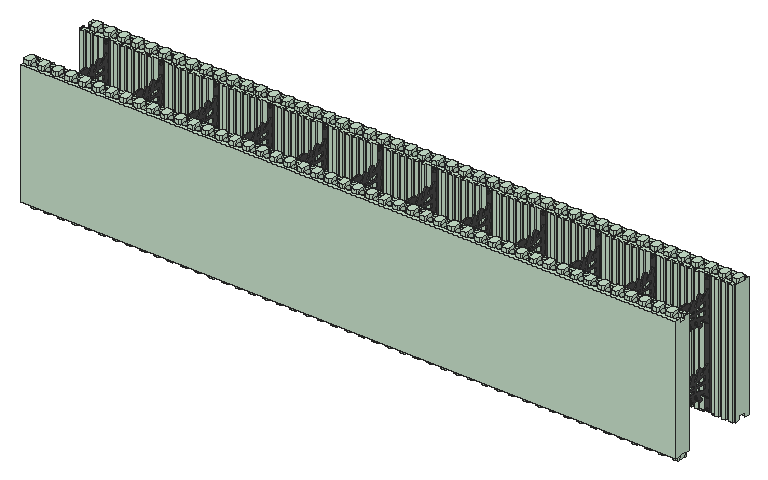
Revit family (continued)
Forms (in)
  Extrusion 156, void
    sketch origin (74, 0, 0) x (1, 0, 0) y (0, 1, 0)
      loop
        arc (1, 3.97692) -> (1.04785, 3.82983) -> (1.17308, 3.73905) r 0.25
        arc (1.17308, 3.73905) -> (1.42092, 3.69045) -> (1.67323, 3.70172) r 1.0625
        arc (1.67323, 3.70172) -> (1.72385, 3.68771) -> (1.74592, 3.64005) r 0.0625
        line (1.74592, 3.64005) -> (1.74592, 3.41845) -> (1.91675, 3.41845) -> (1.91675, 3.76455)
        arc (1.91675, 3.76455) -> (1.92106, 3.78736) -> (1.9334, 3.80702) r 0.0625
        arc (1.9334, 3.80702) -> (1.98276, 3.88568) -> (2, 3.97692) r 0.25
        line (2, 3.97692) -> (2, 4.89808)
        arc (2, 4.89808) -> (1.95215, 5.04517) -> (1.82692, 5.13595) r 0.25
        arc (1.82692, 5.13595) -> (1.5, 5.1875) -> (1.17308, 5.13595) r 1.0625
        arc (1.17308, 5.13595) -> (1.04785, 5.04517) -> (1, 4.89808) r 0.25
    from 0 to 0.5
  Extrusion 157, void
    sketch origin (72, 0, 0) x (1, 0, 0) y (0, 1, 0)
      loop
        line (1, 4.89808) -> (1, 3.97692)
        arc (1, 3.97692) -> (1.04785, 3.82983) -> (1.17308, 3.73905) r 0.25
        arc (1.17308, 3.73905) -> (1.42092, 3.69045) -> (1.67323, 3.70172) r 1.0625
        arc (1.67323, 3.70172) -> (1.72385, 3.68771) -> (1.74592, 3.64005) r 0.0625
        line (1.74592, 3.64005) -> (1.74592, 3.41845) -> (1.91675, 3.41845) -> (1.91675, 3.76455)
        arc (1.91675, 3.76455) -> (1.92106, 3.78736) -> (1.9334, 3.80702) r 0.0625
        arc (1.9334, 3.80702) -> (1.98276, 3.88568) -> (2, 3.97692) r 0.25
        line (2, 3.97692) -> (2, 4.89808)
        arc (2, 4.89808) -> (1.95215, 5.04517) -> (1.82692, 5.13595) r 0.25
        arc (1.82692, 5.13595) -> (1.5, 5.1875) -> (1.17308, 5.13595) r 1.0625
        arc (1.17308, 5.13595) -> (1.04785, 5.04517) -> (1, 4.89808) r 0.25
    from 0 to 0.5
  Extrusion 158, void
    sketch origin (70, 0, 0) x (1, 0, 0) y (0, 1, 0)
      loop
        line (1, 4.89808) -> (1, 3.97692)
        arc (1, 3.97692) -> (1.04785, 3.82983) -> (1.17308, 3.73905) r 0.25
        arc (1.17308, 3.73905) -> (1.42092, 3.69045) -> (1.67323, 3.70172) r 1.0625
        arc (1.67323, 3.70172) -> (1.72385, 3.68771) -> (1.74592, 3.64005) r 0.0625
        line (1.74592, 3.64005) -> (1.74592, 3.41845) -> (1.91675, 3.41845) -> (1.91675, 3.76455)
        arc (1.91675, 3.76455) -> (1.92106, 3.78736) -> (1.9334, 3.80702) r 0.0625
        arc (1.9334, 3.80702) -> (1.98276, 3.88568) -> (2, 3.97692) r 0.25
        line (2, 3.97692) -> (2, 4.89808)
        arc (2, 4.89808) -> (1.95215, 5.04517) -> (1.82692, 5.13595) r 0.25
        arc (1.82692, 5.13595) -> (1.5, 5.1875) -> (1.17308, 5.13595) r 1.0625
        arc (1.17308, 5.13595) -> (1.04785, 5.04517) -> (1, 4.89808) r 0.25
    from 0 to 0.5
  Extrusion 159, void
    sketch origin (68, 0, 0) x (1, 0, 0) y (0, 1, 0)
      loop
        line (1, 4.89808) -> (1, 3.97692)
        arc (1, 3.97692) -> (1.04785, 3.82983) -> (1.17308, 3.73905) r 0.25
        arc (1.17308, 3.73905) -> (1.42092, 3.69045) -> (1.67323, 3.70172) r 1.0625
        arc (1.67323, 3.70172) -> (1.72385, 3.68771) -> (1.74592, 3.64005) r 0.0625
        line (1.74592, 3.64005) -> (1.74592, 3.41845) -> (1.91675, 3.41845) -> (1.91675, 3.76455)
        arc (1.91675, 3.76455) -> (1.92106, 3.78736) -> (1.9334, 3.80702) r 0.0625
        arc (1.9334, 3.80702) -> (1.98276, 3.88568) -> (2, 3.97692) r 0.25
        line (2, 3.97692) -> (2, 4.89808)
        arc (2, 4.89808) -> (1.95215, 5.04517) -> (1.82692, 5.13595) r 0.25
        arc (1.82692, 5.13595) -> (1.5, 5.1875) -> (1.17308, 5.13595) r 1.0625
        arc (1.17308, 5.13595) -> (1.04785, 5.04517) -> (1, 4.89808) r 0.25
    from 0 to 0.5
  Extrusion 160, void
    sketch origin (66, 0, 0) x (1, 0, 0) y (0, 1, 0)
      loop
        line (1, 4.89808) -> (1, 3.97692)
        arc (1, 3.97692) -> (1.04785, 3.82983) -> (1.17308, 3.73905) r 0.25
        arc (1.17308, 3.73905) -> (1.42092, 3.69045) -> (1.67323, 3.70172) r 1.0625
        arc (1.67323, 3.70172) -> (1.72385, 3.68771) -> (1.74592, 3.64005) r 0.0625
        line (1.74592, 3.64005) -> (1.74592, 3.41845) -> (1.91675, 3.41845) -> (1.91675, 3.76455)
        arc (1.91675, 3.76455) -> (1.92106, 3.78736) -> (1.9334, 3.80702) r 0.0625
        arc (1.9334, 3.80702) -> (1.98276, 3.88568) -> (2, 3.97692) r 0.25
        line (2, 3.97692) -> (2, 4.89808)
        arc (2, 4.89808) -> (1.95215, 5.04517) -> (1.82692, 5.13595) r 0.25
        arc (1.82692, 5.13595) -> (1.5, 5.1875) -> (1.17308, 5.13595) r 1.0625
        arc (1.17308, 5.13595) -> (1.04785, 5.04517) -> (1, 4.89808) r 0.25
    from 0 to 0.5
  Extrusion 161, void
    sketch origin (64, 0, 0) x (1, 0, 0) y (0, 1, 0)
      loop
        line (1, 4.89808) -> (1, 3.97692)
        arc (1, 3.97692) -> (1.04785, 3.82983) -> (1.17308, 3.73905) r 0.25
        arc (1.17308, 3.73905) -> (1.42092, 3.69045) -> (1.67323, 3.70172) r 1.0625
        arc (1.67323, 3.70172) -> (1.72385, 3.68771) -> (1.74592, 3.64005) r 0.0625
        line (1.74592, 3.64005) -> (1.74592, 3.41845) -> (1.91675, 3.41845) -> (1.91675, 3.76455)
        arc (1.91675, 3.76455) -> (1.92106, 3.78736) -> (1.9334, 3.80702) r 0.0625
        arc (1.9334, 3.80702) -> (1.98276, 3.88568) -> (2, 3.97692) r 0.25
        line (2, 3.97692) -> (2, 4.89808)
        arc (2, 4.89808) -> (1.95215, 5.04517) -> (1.82692, 5.13595) r 0.25
        arc (1.82692, 5.13595) -> (1.5, 5.1875) -> (1.17308, 5.13595) r 1.0625
        arc (1.17308, 5.13595) -> (1.04785, 5.04517) -> (1, 4.89808) r 0.25
    from 0 to 0.5
  Extrusion 162, void
    sketch origin (62, 0, 0) x (1, 0, 0) y (0, 1, 0)
      loop
        line (1, 4.89808) -> (1, 3.97692)
        arc (1, 3.97692) -> (1.04785, 3.82983) -> (1.17308, 3.73905) r 0.25
        arc (1.17308, 3.73905) -> (1.42092, 3.69045) -> (1.67323, 3.70172) r 1.0625
        arc (1.67323, 3.70172) -> (1.72385, 3.68771) -> (1.74592, 3.64005) r 0.0625
        line (1.74592, 3.64005) -> (1.74592, 3.41845) -> (1.91675, 3.41845) -> (1.91675, 3.76455)
        arc (1.91675, 3.76455) -> (1.92106, 3.78736) -> (1.9334, 3.80702) r 0.0625
        arc (1.9334, 3.80702) -> (1.98276, 3.88568) -> (2, 3.97692) r 0.25
        line (2, 3.97692) -> (2, 4.89808)
        arc (2, 4.89808) -> (1.95215, 5.04517) -> (1.82692, 5.13595) r 0.25
        arc (1.82692, 5.13595) -> (1.5, 5.1875) -> (1.17308, 5.13595) r 1.0625
        arc (1.17308, 5.13595) -> (1.04785, 5.04517) -> (1, 4.89808) r 0.25
    from 0 to 0.5
  Extrusion 163, void
    sketch origin (60, 0, 0) x (1, 0, 0) y (0, 1, 0)
      loop
        line (1, 4.89808) -> (1, 3.97692)
        arc (1, 3.97692) -> (1.04785, 3.82983) -> (1.17308, 3.73905) r 0.25
        arc (1.17308, 3.73905) -> (1.42092, 3.69045) -> (1.67323, 3.70172) r 1.0625
        arc (1.67323, 3.70172) -> (1.72385, 3.68771) -> (1.74592, 3.64005) r 0.0625
        line (1.74592, 3.64005) -> (1.74592, 3.41845) -> (1.91675, 3.41845) -> (1.91675, 3.76455)
        arc (1.91675, 3.76455) -> (1.92106, 3.78736) -> (1.9334, 3.80702) r 0.0625
        arc (1.9334, 3.80702) -> (1.98276, 3.88568) -> (2, 3.97692) r 0.25
        line (2, 3.97692) -> (2, 4.89808)
        arc (2, 4.89808) -> (1.95215, 5.04517) -> (1.82692, 5.13595) r 0.25
        arc (1.82692, 5.13595) -> (1.5, 5.1875) -> (1.17308, 5.13595) r 1.0625
        arc (1.17308, 5.13595) -> (1.04785, 5.04517) -> (1, 4.89808) r 0.25
    from 0 to 0.5
  Extrusion 164, void
    sketch origin (58, 0, 0) x (1, 0, 0) y (0, 1, 0)
      loop
        line (1, 4.89808) -> (1, 3.97692)
        arc (1, 3.97692) -> (1.04785, 3.82983) -> (1.17308, 3.73905) r 0.25
        arc (1.17308, 3.73905) -> (1.42092, 3.69045) -> (1.67323, 3.70172) r 1.0625
        arc (1.67323, 3.70172) -> (1.72385, 3.68771) -> (1.74592, 3.64005) r 0.0625
        line (1.74592, 3.64005) -> (1.74592, 3.41845) -> (1.91675, 3.41845) -> (1.91675, 3.76455)
        arc (1.91675, 3.76455) -> (1.92106, 3.78736) -> (1.9334, 3.80702) r 0.0625
        arc (1.9334, 3.80702) -> (1.98276, 3.88568) -> (2, 3.97692) r 0.25
        line (2, 3.97692) -> (2, 4.89808)
        arc (2, 4.89808) -> (1.95215, 5.04517) -> (1.82692, 5.13595) r 0.25
        arc (1.82692, 5.13595) -> (1.5, 5.1875) -> (1.17308, 5.13595) r 1.0625
        arc (1.17308, 5.13595) -> (1.04785, 5.04517) -> (1, 4.89808) r 0.25
    from 0 to 0.5
  Extrusion 165, void
    sketch origin (56, 0, 0) x (1, 0, 0) y (0, 1, 0)
      loop
        line (1, 4.89808) -> (1, 3.97692)
        arc (1, 3.97692) -> (1.04785, 3.82983) -> (1.17308, 3.73905) r 0.25
        arc (1.17308, 3.73905) -> (1.42092, 3.69045) -> (1.67323, 3.70172) r 1.0625
        arc (1.67323, 3.70172) -> (1.72385, 3.68771) -> (1.74592, 3.64005) r 0.0625
        line (1.74592, 3.64005) -> (1.74592, 3.41845) -> (1.91675, 3.41845) -> (1.91675, 3.76455)
        arc (1.91675, 3.76455) -> (1.92106, 3.78736) -> (1.9334, 3.80702) r 0.0625
        arc (1.9334, 3.80702) -> (1.98276, 3.88568) -> (2, 3.97692) r 0.25
        line (2, 3.97692) -> (2, 4.89808)
        arc (2, 4.89808) -> (1.95215, 5.04517) -> (1.82692, 5.13595) r 0.25
        arc (1.82692, 5.13595) -> (1.5, 5.1875) -> (1.17308, 5.13595) r 1.0625
        arc (1.17308, 5.13595) -> (1.04785, 5.04517) -> (1, 4.89808) r 0.25
    from 0 to 0.5
  Extrusion 166, void
    sketch origin (54, 0, 0) x (1, 0, 0) y (0, 1, 0)
      loop
        line (1, 4.89808) -> (1, 3.97692)
        arc (1, 3.97692) -> (1.04785, 3.82983) -> (1.17308, 3.73905) r 0.25
        arc (1.17308, 3.73905) -> (1.42092, 3.69045) -> (1.67323, 3.70172) r 1.0625
        arc (1.67323, 3.70172) -> (1.72385, 3.68771) -> (1.74592, 3.64005) r 0.0625
        line (1.74592, 3.64005) -> (1.74592, 3.41845) -> (1.91675, 3.41845) -> (1.91675, 3.76455)
        arc (1.91675, 3.76455) -> (1.92106, 3.78736) -> (1.9334, 3.80702) r 0.0625
        arc (1.9334, 3.80702) -> (1.98276, 3.88568) -> (2, 3.97692) r 0.25
        line (2, 3.97692) -> (2, 4.89808)
        arc (2, 4.89808) -> (1.95215, 5.04517) -> (1.82692, 5.13595) r 0.25
        arc (1.82692, 5.13595) -> (1.5, 5.1875) -> (1.17308, 5.13595) r 1.0625
        arc (1.17308, 5.13595) -> (1.04785, 5.04517) -> (1, 4.89808) r 0.25
    from 0 to 0.5
  Extrusion 167, void
    sketch origin (52, 0, 0) x (1, 0, 0) y (0, 1, 0)
      loop
        line (1, 4.89808) -> (1, 3.97692)
        arc (1, 3.97692) -> (1.04785, 3.82983) -> (1.17308, 3.73905) r 0.25
        arc (1.17308, 3.73905) -> (1.42092, 3.69045) -> (1.67323, 3.70172) r 1.0625
        arc (1.67323, 3.70172) -> (1.72385, 3.68771) -> (1.74592, 3.64005) r 0.0625
        line (1.74592, 3.64005) -> (1.74592, 3.41845) -> (1.91675, 3.41845) -> (1.91675, 3.76455)
        arc (1.91675, 3.76455) -> (1.92106, 3.78736) -> (1.9334, 3.80702) r 0.0625
        arc (1.9334, 3.80702) -> (1.98276, 3.88568) -> (2, 3.97692) r 0.25
        line (2, 3.97692) -> (2, 4.89808)
        arc (2, 4.89808) -> (1.95215, 5.04517) -> (1.82692, 5.13595) r 0.25
        arc (1.82692, 5.13595) -> (1.5, 5.1875) -> (1.17308, 5.13595) r 1.0625
        arc (1.17308, 5.13595) -> (1.04785, 5.04517) -> (1, 4.89808) r 0.25
    from 0 to 0.5
  Extrusion 168, void
    sketch origin (50, 0, 0) x (1, 0, 0) y (0, 1, 0)
      loop
        line (1, 4.89808) -> (1, 3.97692)
        arc (1, 3.97692) -> (1.04785, 3.82983) -> (1.17308, 3.73905) r 0.25
        arc (1.17308, 3.73905) -> (1.42092, 3.69045) -> (1.67323, 3.70172) r 1.0625
        arc (1.67323, 3.70172) -> (1.72385, 3.68771) -> (1.74592, 3.64005) r 0.0625
        line (1.74592, 3.64005) -> (1.74592, 3.41845) -> (1.91675, 3.41845) -> (1.91675, 3.76455)
        arc (1.91675, 3.76455) -> (1.92106, 3.78736) -> (1.9334, 3.80702) r 0.0625
        arc (1.9334, 3.80702) -> (1.98276, 3.88568) -> (2, 3.97692) r 0.25
        line (2, 3.97692) -> (2, 4.89808)
        arc (2, 4.89808) -> (1.95215, 5.04517) -> (1.82692, 5.13595) r 0.25
        arc (1.82692, 5.13595) -> (1.5, 5.1875) -> (1.17308, 5.13595) r 1.0625
        arc (1.17308, 5.13595) -> (1.04785, 5.04517) -> (1, 4.89808) r 0.25
    from 0 to 0.5
  Extrusion 169, void
    sketch origin (48, 0, 0) x (1, 0, 0) y (0, 1, 0)
      loop
        line (1, 4.89808) -> (1, 3.97692)
        arc (1, 3.97692) -> (1.04785, 3.82983) -> (1.17308, 3.73905) r 0.25
        arc (1.17308, 3.73905) -> (1.42092, 3.69045) -> (1.67323, 3.70172) r 1.0625
        arc (1.67323, 3.70172) -> (1.72385, 3.68771) -> (1.74592, 3.64005) r 0.0625
        line (1.74592, 3.64005) -> (1.74592, 3.41845) -> (1.91675, 3.41845) -> (1.91675, 3.76455)
        arc (1.91675, 3.76455) -> (1.92106, 3.78736) -> (1.9334, 3.80702) r 0.0625
        arc (1.9334, 3.80702) -> (1.98276, 3.88568) -> (2, 3.97692) r 0.25
        line (2, 3.97692) -> (2, 4.89808)
        arc (2, 4.89808) -> (1.95215, 5.04517) -> (1.82692, 5.13595) r 0.25
        arc (1.82692, 5.13595) -> (1.5, 5.1875) -> (1.17308, 5.13595) r 1.0625
        arc (1.17308, 5.13595) -> (1.04785, 5.04517) -> (1, 4.89808) r 0.25
    from 0 to 0.5
  Extrusion 170, void
    sketch origin (46, 0, 0) x (1, 0, 0) y (0, 1, 0)
      loop
        line (1, 4.89808) -> (1, 3.97692)
        arc (1, 3.97692) -> (1.04785, 3.82983) -> (1.17308, 3.73905) r 0.25
        arc (1.17308, 3.73905) -> (1.42092, 3.69045) -> (1.67323, 3.70172) r 1.0625
        arc (1.67323, 3.70172) -> (1.72385, 3.68771) -> (1.74592, 3.64005) r 0.0625
        line (1.74592, 3.64005) -> (1.74592, 3.41845) -> (1.91675, 3.41845) -> (1.91675, 3.76455)
        arc (1.91675, 3.76455) -> (1.92106, 3.78736) -> (1.9334, 3.80702) r 0.0625
        arc (1.9334, 3.80702) -> (1.98276, 3.88568) -> (2, 3.97692) r 0.25
        line (2, 3.97692) -> (2, 4.89808)
        arc (2, 4.89808) -> (1.95215, 5.04517) -> (1.82692, 5.13595) r 0.25
        arc (1.82692, 5.13595) -> (1.5, 5.1875) -> (1.17308, 5.13595) r 1.0625
        arc (1.17308, 5.13595) -> (1.04785, 5.04517) -> (1, 4.89808) r 0.25
    from 0 to 0.5
  Extrusion 171, void
    sketch origin (44, 0, 0) x (1, 0, 0) y (0, 1, 0)
      loop
        line (1, 4.89808) -> (1, 3.97692)
        arc (1, 3.97692) -> (1.04785, 3.82983) -> (1.17308, 3.73905) r 0.25
        arc (1.17308, 3.73905) -> (1.42092, 3.69045) -> (1.67323, 3.70172) r 1.0625
        arc (1.67323, 3.70172) -> (1.72385, 3.68771) -> (1.74592, 3.64005) r 0.0625
        line (1.74592, 3.64005) -> (1.74592, 3.41845) -> (1.91675, 3.41845) -> (1.91675, 3.76455)
        arc (1.91675, 3.76455) -> (1.92106, 3.78736) -> (1.9334, 3.80702) r 0.0625
        arc (1.9334, 3.80702) -> (1.98276, 3.88568) -> (2, 3.97692) r 0.25
        line (2, 3.97692) -> (2, 4.89808)
        arc (2, 4.89808) -> (1.95215, 5.04517) -> (1.82692, 5.13595) r 0.25
        arc (1.82692, 5.13595) -> (1.5, 5.1875) -> (1.17308, 5.13595) r 1.0625
        arc (1.17308, 5.13595) -> (1.04785, 5.04517) -> (1, 4.89808) r 0.25
    from 0 to 0.5
  Extrusion 172, void
    sketch origin (42, 0, 0) x (1, 0, 0) y (0, 1, 0)
      loop
        line (1, 4.89808) -> (1, 3.97692)
        arc (1, 3.97692) -> (1.04785, 3.82983) -> (1.17308, 3.73905) r 0.25
        arc (1.17308, 3.73905) -> (1.42092, 3.69045) -> (1.67323, 3.70172) r 1.0625
        arc (1.67323, 3.70172) -> (1.72385, 3.68771) -> (1.74592, 3.64005) r 0.0625
        line (1.74592, 3.64005) -> (1.74592, 3.41845) -> (1.91675, 3.41845) -> (1.91675, 3.76455)
        arc (1.91675, 3.76455) -> (1.92106, 3.78736) -> (1.9334, 3.80702) r 0.0625
        arc (1.9334, 3.80702) -> (1.98276, 3.88568) -> (2, 3.97692) r 0.25
        line (2, 3.97692) -> (2, 4.89808)
        arc (2, 4.89808) -> (1.95215, 5.04517) -> (1.82692, 5.13595) r 0.25
        arc (1.82692, 5.13595) -> (1.5, 5.1875) -> (1.17308, 5.13595) r 1.0625
        arc (1.17308, 5.13595) -> (1.04785, 5.04517) -> (1, 4.89808) r 0.25
    from 0 to 0.5
  Extrusion 173, void
    sketch origin (40, 0, 0) x (1, 0, 0) y (0, 1, 0)
      loop
        line (1, 4.89808) -> (1, 3.97692)
        arc (1, 3.97692) -> (1.04785, 3.82983) -> (1.17308, 3.73905) r 0.25
        arc (1.17308, 3.73905) -> (1.42092, 3.69045) -> (1.67323, 3.70172) r 1.0625
        arc (1.67323, 3.70172) -> (1.72385, 3.68771) -> (1.74592, 3.64005) r 0.0625
        line (1.74592, 3.64005) -> (1.74592, 3.41845) -> (1.91675, 3.41845) -> (1.91675, 3.76455)
        arc (1.91675, 3.76455) -> (1.92106, 3.78736) -> (1.9334, 3.80702) r 0.0625
        arc (1.9334, 3.80702) -> (1.98276, 3.88568) -> (2, 3.97692) r 0.25
        line (2, 3.97692) -> (2, 4.89808)
        arc (2, 4.89808) -> (1.95215, 5.04517) -> (1.82692, 5.13595) r 0.25
        arc (1.82692, 5.13595) -> (1.5, 5.1875) -> (1.17308, 5.13595) r 1.0625
        arc (1.17308, 5.13595) -> (1.04785, 5.04517) -> (1, 4.89808) r 0.25
    from 0 to 0.5
  Extrusion 174, void
    sketch origin (38, 0, 0) x (1, 0, 0) y (0, 1, 0)
      loop
        line (1, 4.89808) -> (1, 3.97692)
        arc (1, 3.97692) -> (1.04785, 3.82983) -> (1.17308, 3.73905) r 0.25
        arc (1.17308, 3.73905) -> (1.42092, 3.69045) -> (1.67323, 3.70172) r 1.0625
        arc (1.67323, 3.70172) -> (1.72385, 3.68771) -> (1.74592, 3.64005) r 0.0625
        line (1.74592, 3.64005) -> (1.74592, 3.41845) -> (1.91675, 3.41845) -> (1.91675, 3.76455)
        arc (1.91675, 3.76455) -> (1.92106, 3.78736) -> (1.9334, 3.80702) r 0.0625
        arc (1.9334, 3.80702) -> (1.98276, 3.88568) -> (2, 3.97692) r 0.25
        line (2, 3.97692) -> (2, 4.89808)
        arc (2, 4.89808) -> (1.95215, 5.04517) -> (1.82692, 5.13595) r 0.25
        arc (1.82692, 5.13595) -> (1.5, 5.1875) -> (1.17308, 5.13595) r 1.0625
        arc (1.17308, 5.13595) -> (1.04785, 5.04517) -> (1, 4.89808) r 0.25
    from 0 to 0.5
  Extrusion 175, void
    sketch origin (36, 0, 0) x (1, 0, 0) y (0, 1, 0)
      loop
        line (1, 4.89808) -> (1, 3.97692)
        arc (1, 3.97692) -> (1.04785, 3.82983) -> (1.17308, 3.73905) r 0.25
        arc (1.17308, 3.73905) -> (1.42092, 3.69045) -> (1.67323, 3.70172) r 1.0625
        arc (1.67323, 3.70172) -> (1.72385, 3.68771) -> (1.74592, 3.64005) r 0.0625
        line (1.74592, 3.64005) -> (1.74592, 3.41845) -> (1.91675, 3.41845) -> (1.91675, 3.76455)
        arc (1.91675, 3.76455) -> (1.92106, 3.78736) -> (1.9334, 3.80702) r 0.0625
        arc (1.9334, 3.80702) -> (1.98276, 3.88568) -> (2, 3.97692) r 0.25
        line (2, 3.97692) -> (2, 4.89808)
        arc (2, 4.89808) -> (1.95215, 5.04517) -> (1.82692, 5.13595) r 0.25
        arc (1.82692, 5.13595) -> (1.5, 5.1875) -> (1.17308, 5.13595) r 1.0625
        arc (1.17308, 5.13595) -> (1.04785, 5.04517) -> (1, 4.89808) r 0.25
    from 0 to 0.5
  Extrusion 176, void
    sketch origin (34, 0, 0) x (1, 0, 0) y (0, 1, 0)
      loop
        line (1, 4.89808) -> (1, 3.97692)
        arc (1, 3.97692) -> (1.04785, 3.82983) -> (1.17308, 3.73905) r 0.25
        arc (1.17308, 3.73905) -> (1.42092, 3.69045) -> (1.67323, 3.70172) r 1.0625
        arc (1.67323, 3.70172) -> (1.72385, 3.68771) -> (1.74592, 3.64005) r 0.0625
        line (1.74592, 3.64005) -> (1.74592, 3.41845) -> (1.91675, 3.41845) -> (1.91675, 3.76455)
        arc (1.91675, 3.76455) -> (1.92106, 3.78736) -> (1.9334, 3.80702) r 0.0625
        arc (1.9334, 3.80702) -> (1.98276, 3.88568) -> (2, 3.97692) r 0.25
        line (2, 3.97692) -> (2, 4.89808)
        arc (2, 4.89808) -> (1.95215, 5.04517) -> (1.82692, 5.13595) r 0.25
        arc (1.82692, 5.13595) -> (1.5, 5.1875) -> (1.17308, 5.13595) r 1.0625
        arc (1.17308, 5.13595) -> (1.04785, 5.04517) -> (1, 4.89808) r 0.25
    from 0 to 0.5
  Extrusion 177, void
    sketch origin (32, 0, 0) x (1, 0, 0) y (0, 1, 0)
      loop
        line (1, 4.89808) -> (1, 3.97692)
        arc (1, 3.97692) -> (1.04785, 3.82983) -> (1.17308, 3.73905) r 0.25
        arc (1.17308, 3.73905) -> (1.42092, 3.69045) -> (1.67323, 3.70172) r 1.0625
        arc (1.67323, 3.70172) -> (1.72385, 3.68771) -> (1.74592, 3.64005) r 0.0625
        line (1.74592, 3.64005) -> (1.74592, 3.41845) -> (1.91675, 3.41845) -> (1.91675, 3.76455)
        arc (1.91675, 3.76455) -> (1.92106, 3.78736) -> (1.9334, 3.80702) r 0.0625
        arc (1.9334, 3.80702) -> (1.98276, 3.88568) -> (2, 3.97692) r 0.25
        line (2, 3.97692) -> (2, 4.89808)
        arc (2, 4.89808) -> (1.95215, 5.04517) -> (1.82692, 5.13595) r 0.25
        arc (1.82692, 5.13595) -> (1.5, 5.1875) -> (1.17308, 5.13595) r 1.0625
        arc (1.17308, 5.13595) -> (1.04785, 5.04517) -> (1, 4.89808) r 0.25
    from 0 to 0.5
  Extrusion 178, void
    sketch origin (30, 0, 0) x (1, 0, 0) y (0, 1, 0)
      loop
        line (1, 4.89808) -> (1, 3.97692)
        arc (1, 3.97692) -> (1.04785, 3.82983) -> (1.17308, 3.73905) r 0.25
        arc (1.17308, 3.73905) -> (1.42092, 3.69045) -> (1.67323, 3.70172) r 1.0625
        arc (1.67323, 3.70172) -> (1.72385, 3.68771) -> (1.74592, 3.64005) r 0.0625
        line (1.74592, 3.64005) -> (1.74592, 3.41845) -> (1.91675, 3.41845) -> (1.91675, 3.76455)
        arc (1.91675, 3.76455) -> (1.92106, 3.78736) -> (1.9334, 3.80702) r 0.0625
        arc (1.9334, 3.80702) -> (1.98276, 3.88568) -> (2, 3.97692) r 0.25
        line (2, 3.97692) -> (2, 4.89808)
        arc (2, 4.89808) -> (1.95215, 5.04517) -> (1.82692, 5.13595) r 0.25
        arc (1.82692, 5.13595) -> (1.5, 5.1875) -> (1.17308, 5.13595) r 1.0625
        arc (1.17308, 5.13595) -> (1.04785, 5.04517) -> (1, 4.89808) r 0.25
    from 0 to 0.5
  Extrusion 179, void
    sketch origin (28, 0, 0) x (1, 0, 0) y (0, 1, 0)
      loop
        line (1, 4.89808) -> (1, 3.97692)
        arc (1, 3.97692) -> (1.04785, 3.82983) -> (1.17308, 3.73905) r 0.25
        arc (1.17308, 3.73905) -> (1.42092, 3.69045) -> (1.67323, 3.70172) r 1.0625
        arc (1.67323, 3.70172) -> (1.72385, 3.68771) -> (1.74592, 3.64005) r 0.0625
        line (1.74592, 3.64005) -> (1.74592, 3.41845) -> (1.91675, 3.41845) -> (1.91675, 3.76455)
        arc (1.91675, 3.76455) -> (1.92106, 3.78736) -> (1.9334, 3.80702) r 0.0625
        arc (1.9334, 3.80702) -> (1.98276, 3.88568) -> (2, 3.97692) r 0.25
        line (2, 3.97692) -> (2, 4.89808)
        arc (2, 4.89808) -> (1.95215, 5.04517) -> (1.82692, 5.13595) r 0.25
        arc (1.82692, 5.13595) -> (1.5, 5.1875) -> (1.17308, 5.13595) r 1.0625
        arc (1.17308, 5.13595) -> (1.04785, 5.04517) -> (1, 4.89808) r 0.25
    from 0 to 0.5
  Extrusion 180, void
    sketch origin (26, 0, 0) x (1, 0, 0) y (0, 1, 0)
      loop
        line (1, 4.89808) -> (1, 3.97692)
        arc (1, 3.97692) -> (1.04785, 3.82983) -> (1.17308, 3.73905) r 0.25
        arc (1.17308, 3.73905) -> (1.42092, 3.69045) -> (1.67323, 3.70172) r 1.0625
        arc (1.67323, 3.70172) -> (1.72385, 3.68771) -> (1.74592, 3.64005) r 0.0625
        line (1.74592, 3.64005) -> (1.74592, 3.41845) -> (1.91675, 3.41845) -> (1.91675, 3.76455)
        arc (1.91675, 3.76455) -> (1.92106, 3.78736) -> (1.9334, 3.80702) r 0.0625
        arc (1.9334, 3.80702) -> (1.98276, 3.88568) -> (2, 3.97692) r 0.25
        line (2, 3.97692) -> (2, 4.89808)
        arc (2, 4.89808) -> (1.95215, 5.04517) -> (1.82692, 5.13595) r 0.25
        arc (1.82692, 5.13595) -> (1.5, 5.1875) -> (1.17308, 5.13595) r 1.0625
        arc (1.17308, 5.13595) -> (1.04785, 5.04517) -> (1, 4.89808) r 0.25
    from 0 to 0.5
  Extrusion 181, void
    sketch origin (24, 0, 0) x (1, 0, 0) y (0, 1, 0)
      loop
        line (1, 4.89808) -> (1, 3.97692)
        arc (1, 3.97692) -> (1.04785, 3.82983) -> (1.17308, 3.73905) r 0.25
        arc (1.17308, 3.73905) -> (1.42092, 3.69045) -> (1.67323, 3.70172) r 1.0625
        arc (1.67323, 3.70172) -> (1.72385, 3.68771) -> (1.74592, 3.64005) r 0.0625
        line (1.74592, 3.64005) -> (1.74592, 3.41845) -> (1.91675, 3.41845) -> (1.91675, 3.76455)
        arc (1.91675, 3.76455) -> (1.92106, 3.78736) -> (1.9334, 3.80702) r 0.0625
        arc (1.9334, 3.80702) -> (1.98276, 3.88568) -> (2, 3.97692) r 0.25
        line (2, 3.97692) -> (2, 4.89808)
        arc (2, 4.89808) -> (1.95215, 5.04517) -> (1.82692, 5.13595) r 0.25
        arc (1.82692, 5.13595) -> (1.5, 5.1875) -> (1.17308, 5.13595) r 1.0625
        arc (1.17308, 5.13595) -> (1.04785, 5.04517) -> (1, 4.89808) r 0.25
    from 0 to 0.5
  Extrusion 182, void
    sketch origin (22, 0, 0) x (1, 0, 0) y (0, 1, 0)
      loop
        line (1, 4.89808) -> (1, 3.97692)
        arc (1, 3.97692) -> (1.04785, 3.82983) -> (1.17308, 3.73905) r 0.25
        arc (1.17308, 3.73905) -> (1.42092, 3.69045) -> (1.67323, 3.70172) r 1.0625
        arc (1.67323, 3.70172) -> (1.72385, 3.68771) -> (1.74592, 3.64005) r 0.0625
        line (1.74592, 3.64005) -> (1.74592, 3.41845) -> (1.91675, 3.41845) -> (1.91675, 3.76455)
        arc (1.91675, 3.76455) -> (1.92106, 3.78736) -> (1.9334, 3.80702) r 0.0625
        arc (1.9334, 3.80702) -> (1.98276, 3.88568) -> (2, 3.97692) r 0.25
        line (2, 3.97692) -> (2, 4.89808)
        arc (2, 4.89808) -> (1.95215, 5.04517) -> (1.82692, 5.13595) r 0.25
        arc (1.82692, 5.13595) -> (1.5, 5.1875) -> (1.17308, 5.13595) r 1.0625
        arc (1.17308, 5.13595) -> (1.04785, 5.04517) -> (1, 4.89808) r 0.25
    from 0 to 0.5
  Extrusion 183, void
    sketch origin (20, 0, 0) x (1, 0, 0) y (0, 1, 0)
      loop
        line (1, 4.89808) -> (1, 3.97692)
        arc (1, 3.97692) -> (1.04785, 3.82983) -> (1.17308, 3.73905) r 0.25
        arc (1.17308, 3.73905) -> (1.42092, 3.69045) -> (1.67323, 3.70172) r 1.0625
        arc (1.67323, 3.70172) -> (1.72385, 3.68771) -> (1.74592, 3.64005) r 0.0625
        line (1.74592, 3.64005) -> (1.74592, 3.41845) -> (1.91675, 3.41845) -> (1.91675, 3.76455)
        arc (1.91675, 3.76455) -> (1.92106, 3.78736) -> (1.9334, 3.80702) r 0.0625
        arc (1.9334, 3.80702) -> (1.98276, 3.88568) -> (2, 3.97692) r 0.25
        line (2, 3.97692) -> (2, 4.89808)
        arc (2, 4.89808) -> (1.95215, 5.04517) -> (1.82692, 5.13595) r 0.25
        arc (1.82692, 5.13595) -> (1.5, 5.1875) -> (1.17308, 5.13595) r 1.0625
        arc (1.17308, 5.13595) -> (1.04785, 5.04517) -> (1, 4.89808) r 0.25
    from 0 to 0.5
  Extrusion 184, void
    sketch origin (18, 0, 0) x (1, 0, 0) y (0, 1, 0)
      loop
        line (1, 4.89808) -> (1, 3.97692)
        arc (1, 3.97692) -> (1.04785, 3.82983) -> (1.17308, 3.73905) r 0.25
        arc (1.17308, 3.73905) -> (1.42092, 3.69045) -> (1.67323, 3.70172) r 1.0625
        arc (1.67323, 3.70172) -> (1.72385, 3.68771) -> (1.74592, 3.64005) r 0.0625
        line (1.74592, 3.64005) -> (1.74592, 3.41845) -> (1.91675, 3.41845) -> (1.91675, 3.76455)
        arc (1.91675, 3.76455) -> (1.92106, 3.78736) -> (1.9334, 3.80702) r 0.0625
        arc (1.9334, 3.80702) -> (1.98276, 3.88568) -> (2, 3.97692) r 0.25
        line (2, 3.97692) -> (2, 4.89808)
        arc (2, 4.89808) -> (1.95215, 5.04517) -> (1.82692, 5.13595) r 0.25
        arc (1.82692, 5.13595) -> (1.5, 5.1875) -> (1.17308, 5.13595) r 1.0625
        arc (1.17308, 5.13595) -> (1.04785, 5.04517) -> (1, 4.89808) r 0.25
    from 0 to 0.5
  Extrusion 185, void
    sketch origin (16, 0, 0) x (1, 0, 0) y (0, 1, 0)
      loop
        line (1, 4.89808) -> (1, 3.97692)
        arc (1, 3.97692) -> (1.04785, 3.82983) -> (1.17308, 3.73905) r 0.25
        arc (1.17308, 3.73905) -> (1.42092, 3.69045) -> (1.67323, 3.70172) r 1.0625
        arc (1.67323, 3.70172) -> (1.72385, 3.68771) -> (1.74592, 3.64005) r 0.0625
        line (1.74592, 3.64005) -> (1.74592, 3.41845) -> (1.91675, 3.41845) -> (1.91675, 3.76455)
        arc (1.91675, 3.76455) -> (1.92106, 3.78736) -> (1.9334, 3.80702) r 0.0625
        arc (1.9334, 3.80702) -> (1.98276, 3.88568) -> (2, 3.97692) r 0.25
        line (2, 3.97692) -> (2, 4.89808)
        arc (2, 4.89808) -> (1.95215, 5.04517) -> (1.82692, 5.13595) r 0.25
        arc (1.82692, 5.13595) -> (1.5, 5.1875) -> (1.17308, 5.13595) r 1.0625
        arc (1.17308, 5.13595) -> (1.04785, 5.04517) -> (1, 4.89808) r 0.25
    from 0 to 0.5
  Extrusion 186, void
    sketch origin (14, 0, 0) x (1, 0, 0) y (0, 1, 0)
      loop
        line (1, 4.89808) -> (1, 3.97692)
        arc (1, 3.97692) -> (1.04785, 3.82983) -> (1.17308, 3.73905) r 0.25
        arc (1.17308, 3.73905) -> (1.42092, 3.69045) -> (1.67323, 3.70172) r 1.0625
        arc (1.67323, 3.70172) -> (1.72385, 3.68771) -> (1.74592, 3.64005) r 0.0625
        line (1.74592, 3.64005) -> (1.74592, 3.41845) -> (1.91675, 3.41845) -> (1.91675, 3.76455)
        arc (1.91675, 3.76455) -> (1.92106, 3.78736) -> (1.9334, 3.80702) r 0.0625
        arc (1.9334, 3.80702) -> (1.98276, 3.88568) -> (2, 3.97692) r 0.25
        line (2, 3.97692) -> (2, 4.89808)
        arc (2, 4.89808) -> (1.95215, 5.04517) -> (1.82692, 5.13595) r 0.25
        arc (1.82692, 5.13595) -> (1.5, 5.1875) -> (1.17308, 5.13595) r 1.0625
        arc (1.17308, 5.13595) -> (1.04785, 5.04517) -> (1, 4.89808) r 0.25
    from 0 to 0.5
  Extrusion 187, void
    sketch origin (12, 0, 0) x (1, 0, 0) y (0, 1, 0)
      loop
        line (1, 4.89808) -> (1, 3.97692)
        arc (1, 3.97692) -> (1.04785, 3.82983) -> (1.17308, 3.73905) r 0.25
        arc (1.17308, 3.73905) -> (1.42092, 3.69045) -> (1.67323, 3.70172) r 1.0625
        arc (1.67323, 3.70172) -> (1.72385, 3.68771) -> (1.74592, 3.64005) r 0.0625
        line (1.74592, 3.64005) -> (1.74592, 3.41845) -> (1.91675, 3.41845) -> (1.91675, 3.76455)
        arc (1.91675, 3.76455) -> (1.92106, 3.78736) -> (1.9334, 3.80702) r 0.0625
        arc (1.9334, 3.80702) -> (1.98276, 3.88568) -> (2, 3.97692) r 0.25
        line (2, 3.97692) -> (2, 4.89808)
        arc (2, 4.89808) -> (1.95215, 5.04517) -> (1.82692, 5.13595) r 0.25
        arc (1.82692, 5.13595) -> (1.5, 5.1875) -> (1.17308, 5.13595) r 1.0625
        arc (1.17308, 5.13595) -> (1.04785, 5.04517) -> (1, 4.89808) r 0.25
    from 0 to 0.5
  Extrusion 188, void
    sketch origin (10, 0, 0) x (1, 0, 0) y (0, 1, 0)
      loop
        line (1, 4.89808) -> (1, 3.97692)
        arc (1, 3.97692) -> (1.04785, 3.82983) -> (1.17308, 3.73905) r 0.25
        arc (1.17308, 3.73905) -> (1.42092, 3.69045) -> (1.67323, 3.70172) r 1.0625
        arc (1.67323, 3.70172) -> (1.72385, 3.68771) -> (1.74592, 3.64005) r 0.0625
        line (1.74592, 3.64005) -> (1.74592, 3.41845) -> (1.91675, 3.41845) -> (1.91675, 3.76455)
        arc (1.91675, 3.76455) -> (1.92106, 3.78736) -> (1.9334, 3.80702) r 0.0625
        arc (1.9334, 3.80702) -> (1.98276, 3.88568) -> (2, 3.97692) r 0.25
        line (2, 3.97692) -> (2, 4.89808)
        arc (2, 4.89808) -> (1.95215, 5.04517) -> (1.82692, 5.13595) r 0.25
        arc (1.82692, 5.13595) -> (1.5, 5.1875) -> (1.17308, 5.13595) r 1.0625
        arc (1.17308, 5.13595) -> (1.04785, 5.04517) -> (1, 4.89808) r 0.25
    from 0 to 0.5
  Extrusion 189, void
    sketch origin (8, 0, 0) x (1, 0, 0) y (0, 1, 0)
      loop
        line (1, 4.89808) -> (1, 3.97692)
        arc (1, 3.97692) -> (1.04785, 3.82983) -> (1.17308, 3.73905) r 0.25
        arc (1.17308, 3.73905) -> (1.42092, 3.69045) -> (1.67323, 3.70172) r 1.0625
        arc (1.67323, 3.70172) -> (1.72385, 3.68771) -> (1.74592, 3.64005) r 0.0625
        line (1.74592, 3.64005) -> (1.74592, 3.41845) -> (1.91675, 3.41845) -> (1.91675, 3.76455)
        arc (1.91675, 3.76455) -> (1.92106, 3.78736) -> (1.9334, 3.80702) r 0.0625
        arc (1.9334, 3.80702) -> (1.98276, 3.88568) -> (2, 3.97692) r 0.25
        line (2, 3.97692) -> (2, 4.89808)
        arc (2, 4.89808) -> (1.95215, 5.04517) -> (1.82692, 5.13595) r 0.25
        arc (1.82692, 5.13595) -> (1.5, 5.1875) -> (1.17308, 5.13595) r 1.0625
        arc (1.17308, 5.13595) -> (1.04785, 5.04517) -> (1, 4.89808) r 0.25
    from 0 to 0.5
  Extrusion 190, void
    sketch origin (6, 0, 0) x (1, 0, 0) y (0, 1, 0)
      loop
        line (1, 4.89808) -> (1, 3.97692)
        arc (1, 3.97692) -> (1.04785, 3.82983) -> (1.17308, 3.73905) r 0.25
        arc (1.17308, 3.73905) -> (1.42092, 3.69045) -> (1.67323, 3.70172) r 1.0625
        arc (1.67323, 3.70172) -> (1.72385, 3.68771) -> (1.74592, 3.64005) r 0.0625
        line (1.74592, 3.64005) -> (1.74592, 3.41845) -> (1.91675, 3.41845) -> (1.91675, 3.76455)
        arc (1.91675, 3.76455) -> (1.92106, 3.78736) -> (1.9334, 3.80702) r 0.0625
        arc (1.9334, 3.80702) -> (1.98276, 3.88568) -> (2, 3.97692) r 0.25
        line (2, 3.97692) -> (2, 4.89808)
        arc (2, 4.89808) -> (1.95215, 5.04517) -> (1.82692, 5.13595) r 0.25
        arc (1.82692, 5.13595) -> (1.5, 5.1875) -> (1.17308, 5.13595) r 1.0625
        arc (1.17308, 5.13595) -> (1.04785, 5.04517) -> (1, 4.89808) r 0.25
    from 0 to 0.5
  Extrusion 191, void
    sketch origin (4, 0, 0) x (1, 0, 0) y (0, 1, 0)
      loop
        line (1, 4.89808) -> (1, 3.97692)
        arc (1, 3.97692) -> (1.04785, 3.82983) -> (1.17308, 3.73905) r 0.25
        arc (1.17308, 3.73905) -> (1.42092, 3.69045) -> (1.67323, 3.70172) r 1.0625
        arc (1.67323, 3.70172) -> (1.72385, 3.68771) -> (1.74592, 3.64005) r 0.0625
        line (1.74592, 3.64005) -> (1.74592, 3.41845) -> (1.91675, 3.41845) -> (1.91675, 3.76455)
        arc (1.91675, 3.76455) -> (1.92106, 3.78736) -> (1.9334, 3.80702) r 0.0625
        arc (1.9334, 3.80702) -> (1.98276, 3.88568) -> (2, 3.97692) r 0.25
        line (2, 3.97692) -> (2, 4.89808)
        arc (2, 4.89808) -> (1.95215, 5.04517) -> (1.82692, 5.13595) r 0.25
        arc (1.82692, 5.13595) -> (1.5, 5.1875) -> (1.17308, 5.13595) r 1.0625
        arc (1.17308, 5.13595) -> (1.04785, 5.04517) -> (1, 4.89808) r 0.25
    from 0 to 0.5
  Extrusion 192, void
    sketch origin (2, 0, 0) x (1, 0, 0) y (0, 1, 0)
      loop
        line (1, 4.89808) -> (1, 3.97692)
        arc (1, 3.97692) -> (1.04785, 3.82983) -> (1.17308, 3.73905) r 0.25
        arc (1.17308, 3.73905) -> (1.42092, 3.69045) -> (1.67323, 3.70172) r 1.0625
        arc (1.67323, 3.70172) -> (1.72385, 3.68771) -> (1.74592, 3.64005) r 0.0625
        line (1.74592, 3.64005) -> (1.74592, 3.41845) -> (1.91675, 3.41845) -> (1.91675, 3.76455)
        arc (1.91675, 3.76455) -> (1.92106, 3.78736) -> (1.9334, 3.80702) r 0.0625
        arc (1.9334, 3.80702) -> (1.98276, 3.88568) -> (2, 3.97692) r 0.25
        line (2, 3.97692) -> (2, 4.89808)
        arc (2, 4.89808) -> (1.95215, 5.04517) -> (1.82692, 5.13595) r 0.25
        arc (1.82692, 5.13595) -> (1.5, 5.1875) -> (1.17308, 5.13595) r 1.0625
        arc (1.17308, 5.13595) -> (1.04785, 5.04517) -> (1, 4.89808) r 0.25
    from 0 to 0.5
  Extrusion 193, void
    sketch origin (0, 0, 0) x (1, 0, 0) y (0, 1, 0)
      loop
        line (1, 4.89808) -> (1, 3.97692)
        arc (1, 3.97692) -> (1.04785, 3.82983) -> (1.17308, 3.73905) r 0.25
        arc (1.17308, 3.73905) -> (1.42092, 3.69045) -> (1.67323, 3.70172) r 1.0625
        arc (1.67323, 3.70172) -> (1.72385, 3.68771) -> (1.74592, 3.64005) r 0.0625
        line (1.74592, 3.64005) -> (1.74592, 3.41845) -> (1.91675, 3.41845) -> (1.91675, 3.76455)
        arc (1.91675, 3.76455) -> (1.92106, 3.78736) -> (1.9334, 3.80702) r 0.0625
        arc (1.9334, 3.80702) -> (1.98276, 3.88568) -> (2, 3.97692) r 0.25
        line (2, 3.97692) -> (2, 4.89808)
        arc (2, 4.89808) -> (1.95215, 5.04517) -> (1.82692, 5.13595) r 0.25
        arc (1.82692, 5.13595) -> (1.5, 5.1875) -> (1.17308, 5.13595) r 1.0625
        arc (1.17308, 5.13595) -> (1.04785, 5.04517) -> (1, 4.89808) r 0.25
    from 0 to 0.5
Cuts and joins
  Extrusion 2, Extrusion 3, Extrusion 4, Extrusion 5, Extrusion 6, Extrusion 7, Extrusion 8, Extrusion 9, Extrusion 10, Extrusion 11, Extrusion 12, Extrusion 13, Extrusion 14, Extrusion 15, Extrusion 16, Extrusion 17, Extrusion 18, Extrusion 19, Extrusion 20, Extrusion 21, Extrusion 22, Extrusion 23, Extrusion 24, Extrusion 25, Extrusion 26, Extrusion 27, Extrusion 28, Extrusion 29, Extrusion 30, Extrusion 31, Extrusion 32, Extrusion 33, Extrusion 34, Extrusion 35, Extrusion 36, Extrusion 37, Extrusion 38, Extrusion 39, Extrusion 40, Extrusion 41, Extrusion 42, Extrusion 43, Extrusion 44, Extrusion 45, Extrusion 46, Extrusion 47, Extrusion 48, Extrusion 49, Extrusion 50, Extrusion 51, Extrusion 52, Extrusion 53, Extrusion 54, Extrusion 55, Extrusion 56, Extrusion 57, Extrusion 58, Extrusion 59, Extrusion 60, Extrusion 61, Extrusion 62, Extrusion 63, Extrusion 64, Extrusion 65, Extrusion 66, Extrusion 67, Extrusion 68, Extrusion 69, Extrusion 70, Extrusion 71, Extrusion 72, Extrusion 73, Extrusion 74, Extrusion 75, Extrusion 76, Extrusion 77, Extrusion 78, Extrusion 79, Extrusion 80, Extrusion 81, Extrusion 82, Extrusion 83, Extrusion 84, Extrusion 85, Extrusion 86, Extrusion 87, Extrusion 88, Extrusion 89, Extrusion 90, Extrusion 91, Extrusion 92, Extrusion 93, Extrusion 94, Extrusion 95, Extrusion 96, Extrusion 97, Extrusion 98, Extrusion 99, Extrusion 100, Extrusion 101, Extrusion 102, Extrusion 103, Extrusion 104, Extrusion 105, Extrusion 106, Extrusion 107, Extrusion 108, Extrusion 109, Extrusion 110, Extrusion 111, Extrusion 112, Extrusion 113, Extrusion 114, Extrusion 115, Extrusion 116, Extrusion 117, Extrusion 118, Extrusion 119, Extrusion 120, Extrusion 121, Extrusion 122, Extrusion 123, Extrusion 124, Extrusion 125, Extrusion 126, Extrusion 127, Extrusion 128, Extrusion 129, Extrusion 130, Extrusion 131, Extrusion 132, Extrusion 133, Extrusion 134, Extrusion 135, Extrusion 136, Extrusion 137, Extrusion 138, Extrusion 139, Extrusion 140, Extrusion 141, Extrusion 142, Extrusion 143, Extrusion 144, Extrusion 145, Extrusion 146, Extrusion 147, Extrusion 148, Extrusion 149, Extrusion 150, Extrusion 151, Extrusion 152, Extrusion 153, Extrusion 154, Extrusion 155, Extrusion 156, Extrusion 157, Extrusion 158, Extrusion 159, Extrusion 160, Extrusion 161, Extrusion 162, Extrusion 163, Extrusion 164, Extrusion 165, Extrusion 166, Extrusion 167, Extrusion 168, Extrusion 169, Extrusion 170, Extrusion 171, Extrusion 172, Extrusion 173, Extrusion 174, Extrusion 175, Extrusion 176, Extrusion 177, Extrusion 178, Extrusion 179, Extrusion 180, Extrusion 181, Extrusion 182, Extrusion 183, Extrusion 184, Extrusion 185, Extrusion 186, Extrusion 187, Extrusion 188, Extrusion 189, Extrusion 190, Extrusion 191, Extrusion 192, Extrusion 193 cuts Extrusion 1
Lines and regions (in)
  model lines
    curve 1: line (8, -7.625, 18) -> (8, -7.625, 0)
    curve 2: line (88, 5.625, 18) -> (88, 5.625, 0)
    curve 3: line (64, 5.625, 18) -> (64, 5.625, 0)
    curve 4: line (40, 5.625, 18) -> (40, 5.625, 0)
    curve 5: line (16, 5.625, 18) -> (16, 5.625, 0)
Dimensions and locks (in)
  locked: plane 3 "Center (Left/Right)" to plane 4 at 96
  locked: plane 5 to plane 7 at 2.625
  locked: plane 8 to plane 6 at 2.625
  locked: plane 9 to level at 18
  locked: plane 4 to plane 3 "Center (Left/Right)" at 96
  locked: plane 9 to plane 10 at 0.5
  locked: plane 11 to level at 0.5
  locked: plane 6 to plane 5 at 8
  aligned and locked: plane 9 to Extrusion 1
  aligned and locked: Extrusion 1 to plane 3 "Center (Left/Right)"
  aligned and locked: plane 4 to Extrusion 1
  aligned and locked: level to Extrusion 1
  aligned and locked: nested 1 to plane 8
  aligned and locked: plane 10 to nested 108
Nested families (in)
  nested 1: "NUDURA Diamond Pattern" at (0, -2, 0), type "NUDURA Diamond Pattern"
  nested 2: "NUDURA Diamond Pattern" at (16, -2, 0), type "NUDURA Diamond Pattern"
  nested 3: "NUDURA Diamond Pattern" at (24, -2, 0), type "NUDURA Diamond Pattern"
  nested 4: "NUDURA Diamond Pattern" at (40, -2, 0), type "NUDURA Diamond Pattern"
  nested 5: "NUDURA Diamond Pattern" at (48, -2, 0), type "NUDURA Diamond Pattern"
  nested 6: "NUDURA Diamond Pattern" at (64, -2, 0), type "NUDURA Diamond Pattern"
  nested 7: "NUDURA Diamond Pattern" at (72, -2, 0), type "NUDURA Diamond Pattern"
  nested 8: "NUDURA Diamond Pattern" at (88, -2, 0), type "NUDURA Diamond Pattern"
  nested 9: "NUDURA Diamond Pattern" at (0, 0, 0), type "NUDURA Diamond Pattern"
  nested 10: "NUDURA Diamond Pattern" at (48, 0, 0), type "NUDURA Diamond Pattern"
  nested 11: "NUDURA Diamond Pattern" at (64, 0, 0), type "NUDURA Diamond Pattern"
  nested 12: "NUDURA Diamond Pattern" at (72, 0, 0), type "NUDURA Diamond Pattern"
  nested 13: "NUDURA Diamond Pattern" at (88, 0, 0), type "NUDURA Diamond Pattern"
  nested 14: "Interlock Tooth" at (0, -2, 0), type "Interlock Tooth"
  nested 15: "Interlock Tooth" at (2, -2, 0), type "Interlock Tooth"
  nested 16: "Interlock Tooth" at (4, -2, 0), type "Interlock Tooth"
  nested 17: "Interlock Tooth" at (6, -2, 0), type "Interlock Tooth"
  nested 18: "Interlock Tooth" at (8, -2, 0), type "Interlock Tooth"
  nested 19: "Interlock Tooth" at (10, -2, 0), type "Interlock Tooth"
  nested 20: "Interlock Tooth" at (12, -2, 0), type "Interlock Tooth"
  nested 21: "Interlock Tooth" at (14, -2, 0), type "Interlock Tooth"
  nested 22: "Interlock Tooth" at (16, -2, 0), type "Interlock Tooth"
  nested 23: "Interlock Tooth" at (18, -2, 0), type "Interlock Tooth"
  nested 24: "Interlock Tooth" at (20, -2, 0), type "Interlock Tooth"
  nested 25: "Interlock Tooth" at (22, -2, 0), type "Interlock Tooth"
  nested 26: "Interlock Tooth" at (24, -2, 0), type "Interlock Tooth"
  nested 27: "Interlock Tooth" at (26, -2, 0), type "Interlock Tooth"
  nested 28: "Interlock Tooth" at (28, -2, 0), type "Interlock Tooth"
  nested 29: "Interlock Tooth" at (30, -2, 0), type "Interlock Tooth"
  nested 30: "Interlock Tooth" at (32, -2, 0), type "Interlock Tooth"
  nested 31: "Interlock Tooth" at (34, -2, 0), type "Interlock Tooth"
  nested 32: "Interlock Tooth" at (36, -2, 0), type "Interlock Tooth"
  nested 33: "Interlock Tooth" at (38, -2, 0), type "Interlock Tooth"
  nested 34: "Interlock Tooth" at (40, -2, 0), type "Interlock Tooth"
  nested 35: "Interlock Tooth" at (42, -2, 0), type "Interlock Tooth"
  nested 36: "Interlock Tooth" at (44, -2, 0), type "Interlock Tooth"
  nested 37: "Interlock Tooth" at (46, -2, 0), type "Interlock Tooth"
  nested 38: "Interlock Tooth" at (48, -2, 0), type "Interlock Tooth"
  nested 39: "Interlock Tooth" at (50, -2, 0), type "Interlock Tooth"
  nested 40: "Interlock Tooth" at (52, -2, 0), type "Interlock Tooth"
  nested 41: "Interlock Tooth" at (54, -2, 0), type "Interlock Tooth"
  nested 42: "Interlock Tooth" at (56, -2, 0), type "Interlock Tooth"
  nested 43: "Interlock Tooth" at (58, -2, 0), type "Interlock Tooth"
  nested 44: "Interlock Tooth" at (60, -2, 0), type "Interlock Tooth"
  nested 45: "Interlock Tooth" at (62, -2, 0), type "Interlock Tooth"
  nested 46: "Interlock Tooth" at (64, -2, 0), type "Interlock Tooth"
  nested 47: "Interlock Tooth" at (66, -2, 0), type "Interlock Tooth"
  nested 48: "Interlock Tooth" at (68, -2, 0), type "Interlock Tooth"
  nested 49: "Interlock Tooth" at (70, -2, 0), type "Interlock Tooth"
  nested 50: "Interlock Tooth" at (72, -2, 0), type "Interlock Tooth"
  nested 51: "Interlock Tooth" at (74, -2, 0), type "Interlock Tooth"
  nested 52: "Interlock Tooth" at (76, -2, 0), type "Interlock Tooth"
  nested 53: "Interlock Tooth" at (78, -2, 0), type "Interlock Tooth"
  nested 54: "Interlock Tooth" at (80, -2, 0), type "Interlock Tooth"
  nested 55: "Interlock Tooth" at (82, -2, 0), type "Interlock Tooth"
  nested 56: "Interlock Tooth" at (84, -2, 0), type "Interlock Tooth"
  nested 57: "Interlock Tooth" at (86, -2, 0), type "Interlock Tooth"
  nested 58: "Interlock Tooth" at (88, -2, 0), type "Interlock Tooth"
  nested 59: "Interlock Tooth" at (90, -2, 0), type "Interlock Tooth"
  nested 60: "Interlock Tooth" at (92, -2, 0), type "Interlock Tooth"
  nested 61: "Interlock Tooth" at (94, -2, 0), type "Interlock Tooth"
  nested 62: "Interlock Tooth" at (1, 8.875, 0), type "Interlock Tooth"
  nested 63: "Interlock Tooth" at (3, 8.875, 0), type "Interlock Tooth"
  nested 64: "Interlock Tooth" at (5, 8.875, 0), type "Interlock Tooth"
  nested 65: "Interlock Tooth" at (7, 8.875, 0), type "Interlock Tooth"
  nested 66: "Interlock Tooth" at (9, 8.875, 0), type "Interlock Tooth"
  nested 67: "Interlock Tooth" at (11, 8.875, 0), type "Interlock Tooth"
  nested 68: "Interlock Tooth" at (13, 8.875, 0), type "Interlock Tooth"
  nested 69: "Interlock Tooth" at (15, 8.875, 0), type "Interlock Tooth"
  nested 70: "Interlock Tooth" at (17, 8.875, 0), type "Interlock Tooth"
  nested 71: "Interlock Tooth" at (19, 8.875, 0), type "Interlock Tooth"
  nested 72: "Interlock Tooth" at (21, 8.875, 0), type "Interlock Tooth"
  nested 73: "Interlock Tooth" at (23, 8.875, 0), type "Interlock Tooth"
  nested 74: "Interlock Tooth" at (25, 8.875, 0), type "Interlock Tooth"
  nested 75: "Interlock Tooth" at (27, 8.875, 0), type "Interlock Tooth"
  nested 76: "Interlock Tooth" at (29, 8.875, 0), type "Interlock Tooth"
  nested 77: "Interlock Tooth" at (31, 8.875, 0), type "Interlock Tooth"
  nested 78: "Interlock Tooth" at (33, 8.875, 0), type "Interlock Tooth"
  nested 79: "Interlock Tooth" at (35, 8.875, 0), type "Interlock Tooth"
  nested 80: "Interlock Tooth" at (37, 8.875, 0), type "Interlock Tooth"
  nested 81: "Interlock Tooth" at (39, 8.875, 0), type "Interlock Tooth"
  nested 82: "Interlock Tooth" at (41, 8.875, 0), type "Interlock Tooth"
  nested 83: "Interlock Tooth" at (43, 8.875, 0), type "Interlock Tooth"
  nested 84: "Interlock Tooth" at (45, 8.875, 0), type "Interlock Tooth"
  nested 85: "Interlock Tooth" at (47, 8.875, 0), type "Interlock Tooth"
  nested 86: "Interlock Tooth" at (49, 8.875, 0), type "Interlock Tooth"
  nested 87: "Interlock Tooth" at (51, 8.875, 0), type "Interlock Tooth"
  nested 88: "Interlock Tooth" at (53, 8.875, 0), type "Interlock Tooth"
  nested 89: "Interlock Tooth" at (55, 8.875, 0), type "Interlock Tooth"
  nested 90: "Interlock Tooth" at (57, 8.875, 0), type "Interlock Tooth"
  nested 91: "Interlock Tooth" at (59, 8.875, 0), type "Interlock Tooth"
  nested 92: "Interlock Tooth" at (61, 8.875, 0), type "Interlock Tooth"
  nested 93: "Interlock Tooth" at (63, 8.875, 0), type "Interlock Tooth"
  nested 94: "Interlock Tooth" at (65, 8.875, 0), type "Interlock Tooth"
  nested 95: "Interlock Tooth" at (67, 8.875, 0), type "Interlock Tooth"
  nested 96: "Interlock Tooth" at (69, 8.875, 0), type "Interlock Tooth"
  nested 97: "Interlock Tooth" at (71, 8.875, 0), type "Interlock Tooth"
  nested 98: "Interlock Tooth" at (73, 8.875, 0), type "Interlock Tooth"
  nested 99: "Interlock Tooth" at (75, 8.875, 0), type "Interlock Tooth"
  nested 100: "Interlock Tooth" at (77, 8.875, 0), type "Interlock Tooth"
  nested 101: "Interlock Tooth" at (79, 8.875, 0), type "Interlock Tooth"
  nested 102: "Interlock Tooth" at (81, 8.875, 0), type "Interlock Tooth"
  nested 103: "Interlock Tooth" at (83, 8.875, 0), type "Interlock Tooth"
  nested 104: "Interlock Tooth" at (85, 8.875, 0), type "Interlock Tooth"
  nested 105: "Interlock Tooth" at (87, 8.875, 0), type "Interlock Tooth"
  nested 106: "Interlock Tooth" at (89, 8.875, 0), type "Interlock Tooth"
  nested 107: "Interlock Tooth" at (91, 8.875, 0), type "Interlock Tooth"
  nested 108: "Interlock Tooth" at (93, 8.875, 0), type "Interlock Tooth"
  nested 109: "Interlock Tooth" at (95, 8.875, 0), type "Interlock Tooth"
  nested 110: "Interlock Tooth" at (1, -10.875, -18.5), type "Interlock Tooth"
  nested 111: "Interlock Tooth" at (3, -10.875, -18.5), type "Interlock Tooth"
  nested 112: "Interlock Tooth" at (5, -10.875, -18.5), type "Interlock Tooth"
  nested 113: "Interlock Tooth" at (7, -10.875, -18.5), type "Interlock Tooth"
  nested 114: "Interlock Tooth" at (9, -10.875, -18.5), type "Interlock Tooth"
  nested 115: "Interlock Tooth" at (11, -10.875, -18.5), type "Interlock Tooth"
  nested 116: "Interlock Tooth" at (13, -10.875, -18.5), type "Interlock Tooth"
  nested 117: "Interlock Tooth" at (15, -10.875, -18.5), type "Interlock Tooth"
  nested 118: "Interlock Tooth" at (17, -10.875, -18.5), type "Interlock Tooth"
  nested 119: "Interlock Tooth" at (19, -10.875, -18.5), type "Interlock Tooth"
  nested 120: "Interlock Tooth" at (21, -10.875, -18.5), type "Interlock Tooth"
  nested 121: "Interlock Tooth" at (23, -10.875, -18.5), type "Interlock Tooth"
  nested 122: "Interlock Tooth" at (25, -10.875, -18.5), type "Interlock Tooth"
  nested 123: "Interlock Tooth" at (27, -10.875, -18.5), type "Interlock Tooth"
  nested 124: "Interlock Tooth" at (29, -10.875, -18.5), type "Interlock Tooth"
  nested 125: "Interlock Tooth" at (31, -10.875, -18.5), type "Interlock Tooth"
  nested 126: "Interlock Tooth" at (33, -10.875, -18.5), type "Interlock Tooth"
  nested 127: "Interlock Tooth" at (35, -10.875, -18.5), type "Interlock Tooth"
  nested 128: "Interlock Tooth" at (37, -10.875, -18.5), type "Interlock Tooth"
  nested 129: "Interlock Tooth" at (39, -10.875, -18.5), type "Interlock Tooth"
  nested 130: "Interlock Tooth" at (41, -10.875, -18.5), type "Interlock Tooth"
  nested 131: "Interlock Tooth" at (43, -10.875, -18.5), type "Interlock Tooth"
  nested 132: "Interlock Tooth" at (45, -10.875, -18.5), type "Interlock Tooth"
  nested 133: "Interlock Tooth" at (47, -10.875, -18.5), type "Interlock Tooth"
  nested 134: "Interlock Tooth" at (49, -10.875, -18.5), type "Interlock Tooth"
  nested 135: "Interlock Tooth" at (51, -10.875, -18.5), type "Interlock Tooth"
  nested 136: "Interlock Tooth" at (53, -10.875, -18.5), type "Interlock Tooth"
  nested 137: "Interlock Tooth" at (55, -10.875, -18.5), type "Interlock Tooth"
  nested 138: "Interlock Tooth" at (57, -10.875, -18.5), type "Interlock Tooth"
  nested 139: "Interlock Tooth" at (59, -10.875, -18.5), type "Interlock Tooth"
  nested 140: "Interlock Tooth" at (61, -10.875, -18.5), type "Interlock Tooth"
  nested 141: "Interlock Tooth" at (63, -10.875, -18.5), type "Interlock Tooth"
  nested 142: "Interlock Tooth" at (65, -10.875, -18.5), type "Interlock Tooth"
  nested 143: "Interlock Tooth" at (67, -10.875, -18.5), type "Interlock Tooth"
  nested 144: "Interlock Tooth" at (69, -10.875, -18.5), type "Interlock Tooth"
  nested 145: "Interlock Tooth" at (71, -10.875, -18.5), type "Interlock Tooth"
  nested 146: "Interlock Tooth" at (73, -10.875, -18.5), type "Interlock Tooth"
  nested 147: "Interlock Tooth" at (75, -10.875, -18.5), type "Interlock Tooth"
  nested 148: "Interlock Tooth" at (77, -10.875, -18.5), type "Interlock Tooth"
  nested 149: "Interlock Tooth" at (79, -10.875, -18.5), type "Interlock Tooth"
  nested 150: "Interlock Tooth" at (81, -10.875, -18.5), type "Interlock Tooth"
  nested 151: "Interlock Tooth" at (83, -10.875, -18.5), type "Interlock Tooth"
  nested 152: "Interlock Tooth" at (85, -10.875, -18.5), type "Interlock Tooth"
  nested 153: "Interlock Tooth" at (87, -10.875, -18.5), type "Interlock Tooth"
  nested 154: "Interlock Tooth" at (89, -10.875, -18.5), type "Interlock Tooth"
  nested 155: "Interlock Tooth" at (91, -10.875, -18.5), type "Interlock Tooth"
  nested 156: "Interlock Tooth" at (93, -10.875, -18.5), type "Interlock Tooth"
  nested 157: "Interlock Tooth" at (95, -10.875, -18.5), type "Interlock Tooth"
  nested 158: "Interlock Tooth" at (0, 0, -18.5), type "Interlock Tooth"
  nested 159: "Interlock Tooth" at (2, 0, -18.5), type "Interlock Tooth"
  nested 160: "Interlock Tooth" at (4, 0, -18.5), type "Interlock Tooth"
  nested 161: "Interlock Tooth" at (6, 0, -18.5), type "Interlock Tooth"
  nested 162: "Interlock Tooth" at (8, 0, -18.5), type "Interlock Tooth"
  nested 163: "Interlock Tooth" at (10, 0, -18.5), type "Interlock Tooth"
  nested 164: "Interlock Tooth" at (12, 0, -18.5), type "Interlock Tooth"
  nested 165: "Interlock Tooth" at (14, 0, -18.5), type "Interlock Tooth"
  nested 166: "Interlock Tooth" at (16, 0, -18.5), type "Interlock Tooth"
  nested 167: "Interlock Tooth" at (18, 0, -18.5), type "Interlock Tooth"
  nested 168: "Interlock Tooth" at (20, 0, -18.5), type "Interlock Tooth"
  nested 169: "Interlock Tooth" at (22, 0, -18.5), type "Interlock Tooth"
  nested 170: "Interlock Tooth" at (24, 0, -18.5), type "Interlock Tooth"
  nested 171: "Interlock Tooth" at (26, 0, -18.5), type "Interlock Tooth"
  nested 172: "Interlock Tooth" at (28, 0, -18.5), type "Interlock Tooth"
  nested 173: "Interlock Tooth" at (30, 0, -18.5), type "Interlock Tooth"
  nested 174: "Interlock Tooth" at (32, 0, -18.5), type "Interlock Tooth"
  nested 175: "Interlock Tooth" at (34, 0, -18.5), type "Interlock Tooth"
  nested 176: "Interlock Tooth" at (36, 0, -18.5), type "Interlock Tooth"
  nested 177: "Interlock Tooth" at (38, 0, -18.5), type "Interlock Tooth"
  nested 178: "Interlock Tooth" at (40, 0, -18.5), type "Interlock Tooth"
  nested 179: "Interlock Tooth" at (42, 0, -18.5), type "Interlock Tooth"
  nested 180: "Interlock Tooth" at (44, 0, -18.5), type "Interlock Tooth"
  nested 181: "Interlock Tooth" at (46, 0, -18.5), type "Interlock Tooth"
  nested 182: "Interlock Tooth" at (48, 0, -18.5), type "Interlock Tooth"
  nested 183: "Interlock Tooth" at (50, 0, -18.5), type "Interlock Tooth"
  nested 184: "Interlock Tooth" at (52, 0, -18.5), type "Interlock Tooth"
  nested 185: "Interlock Tooth" at (54, 0, -18.5), type "Interlock Tooth"
  nested 186: "Interlock Tooth" at (56, 0, -18.5), type "Interlock Tooth"
  nested 187: "Interlock Tooth" at (58, 0, -18.5), type "Interlock Tooth"
  nested 188: "Interlock Tooth" at (60, 0, -18.5), type "Interlock Tooth"
  nested 189: "Interlock Tooth" at (62, 0, -18.5), type "Interlock Tooth"
  nested 190: "Interlock Tooth" at (64, 0, -18.5), type "Interlock Tooth"
  nested 191: "Interlock Tooth" at (66, 0, -18.5), type "Interlock Tooth"
  nested 192: "Interlock Tooth" at (68, 0, -18.5), type "Interlock Tooth"
  nested 193: "Interlock Tooth" at (70, 0, -18.5), type "Interlock Tooth"
  nested 194: "Interlock Tooth" at (72, 0, -18.5), type "Interlock Tooth"
  nested 195: "Interlock Tooth" at (74, 0, -18.5), type "Interlock Tooth"
  nested 196: "Interlock Tooth" at (76, 0, -18.5), type "Interlock Tooth"
  nested 197: "Interlock Tooth" at (78, 0, -18.5), type "Interlock Tooth"
  nested 198: "Interlock Tooth" at (80, 0, -18.5), type "Interlock Tooth"
  nested 199: "Interlock Tooth" at (82, 0, -18.5), type "Interlock Tooth"
  nested 200: "Interlock Tooth" at (84, 0, -18.5), type "Interlock Tooth"
  nested 201: "Interlock Tooth" at (86, 0, -18.5), type "Interlock Tooth"
  nested 202: "Interlock Tooth" at (88, 0, -18.5), type "Interlock Tooth"
  nested 203: "Interlock Tooth" at (90, 0, -18.5), type "Interlock Tooth"
  nested 204: "Interlock Tooth" at (92, 0, -18.5), type "Interlock Tooth"
  nested 205: "Interlock Tooth" at (48, 0, -18.5), type "Interlock Tooth"
  nested 206: "NUDURA Logo Diamond" at (0, -7.625, 0), type "NUDURA Logo Diamond"
  nested 207: "NUDURA Logo Diamond" at (24, -7.625, 0), type "NUDURA Logo Diamond"
  nested 208: "NUDURA Logo Diamond" at (48, -7.625, 0), type "NUDURA Logo Diamond"
  nested 209: "NUDURA Logo Diamond" at (72, -7.625, 0), type "NUDURA Logo Diamond"
  nested 210: "NUDURA Logo Diamond" at (95.99744, 5.625, 0) x (-1, 0, 0) z (0, 0, 1), type "NUDURA Logo Diamond"
  nested 211: "NUDURA Logo Diamond" at (71.99744, 5.625, 0) x (-1, 0, 0) z (0, 0, 1), type "NUDURA Logo Diamond"
